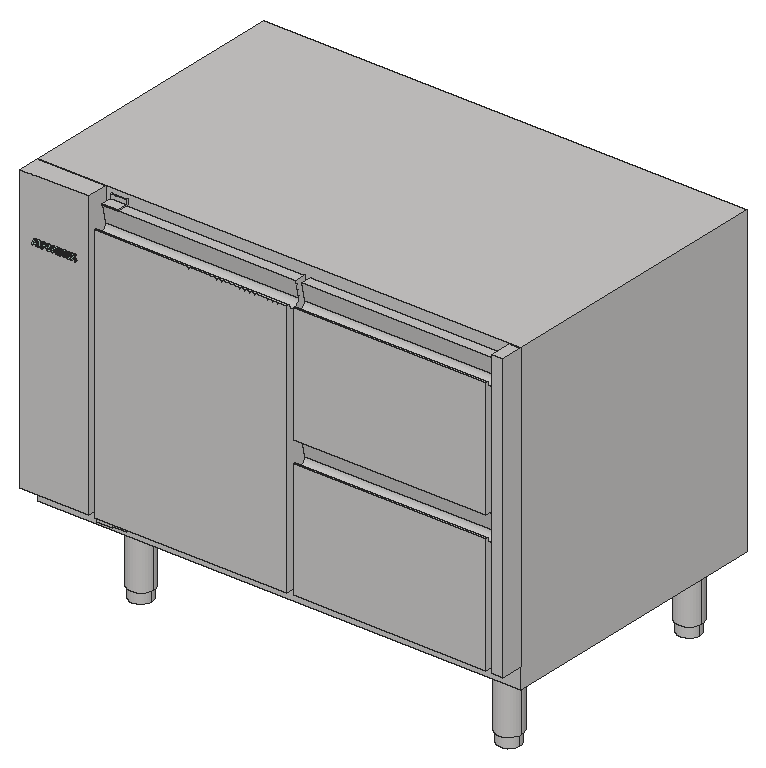
Revit family "QF_ALPENINOX_712113_AK2R8AB", category Specialty Equipment, Revit 2018
Family settings
  Round Connector Dimension = Use Diameter
  Part Type = Normal
  Work Plane-Based = No
  Always vertical = Yes
  Cut with Voids When Loaded = No
  Shared = No
  Room Calculation Point = No
Parameters
  Weight = 0.00 kg
  Watts = 2.78709 W
  Volts = 220 V
  URL Manufacturer = "http://www.alpeninox.com"
  URL = "http://www.alpeninox.com"
  Steam Supply Size = 0 mm
  Steam Supply Minimum Pressure = 0.0 Pa
  Steam Supply Maximum Pressure = 0.0 Pa
  Steam Pounds per Hour = 0
  Refrigeration Suction Line Size = 0 mm
  Refrigeration Liquid Line Size = 0 mm
  Refrigerant Compressor Remote = yes
  Manufacturer = "Alpeninox"
  Phase = 1
  Model = "AK2R8AB"
  Length Actual = 1103 mm  # constant formula
  Length = 1103 mm
  Item Number = "712113"
  Hot Water Size = 0 mm
  Height Actual = 850 mm  # constant formula
  Height = 700 mm
  HP = "0 HP"
  Gas Size = 0 mm
  Gas KW = 0
  Gas Input Pressure = 0 W
  Depth Actual = 700 mm  # constant formula
  Depth = 695 mm
  Description = "1 DOOR+2x½ DRAWER REF.TABLE -2C REM NO TOP"
  Cycle = 60 Hz
  Condensate Return Size = 0 mm
  Compressed Air Volume = 0.0 L/s
  Compressed Air Size = 0 mm
  Compressed Air Pressure = 0.0 Pa
  Cold Water Size = 0 mm
  Accessory = yes
Reference planes
  plane 1: z = 0
  plane 2 "Center (Left/Right)": x = -124.5
  plane 3 "Center (Front/Back)": y = 64.5
  plane 4 "FEET": z = 150
  plane 5 "TOP": z = 900
  plane 6 "PLAIN": z = 850
  plane 7 "EI_back": y = 359
  plane 8 "EI_left": x = -610
  plane 9 "BACK": y = 412
  plane 10 "FRONT": y = -283
  plane 11 "DOOR": y = -233
  plane 12 "LEFT": x = -676
  plane 13 "RIGHT": x = 427
  plane 14: x = -651
  plane 15: x = 402
  plane 16 "RO_left": x = -636
  plane 17 "RI_left": x = -584
  plane 18 "RO_back": y = 375.5
  plane 19 "RI_back": y = 375.5
  plane 20 "DRAINleft": x = -610
  plane 21 "DRAINback": y = 164
Forms (mm)
  Extrusion 1, solid, material "QF_Finishes_Stainless Steel"
    sketch origin (-1022.223, -1524, 150) x (-1, 0, 0) y (0, -1, 0)
      loop
        circle (-412.223, -1883) r 5
    from 0 to -40
  Extrusion 2, solid, material "QF_Finishes_Stainless Steel"
    sketch origin (-1022.223, -1524, 150) x (-1, 0, 0) y (0, -1, 0)
      loop
        line (-1424.223, -1291) -> (-1424.223, -1241) -> (-1449.223, -1241) -> (-1449.223, -1291) -> (-1424.223, -1291)
    from 48 to 700 <- "Height"
  Extrusion 3, solid, material "QF_Finishes_Stainless Steel"
    sketch origin (-1022.223, -1524, 150) x (-1, 0, 0) y (0, -1, 0)
      loop
        circle (-386.223, -1899.5) r 4.25
    from 0 to -20
  Extrusion 4, solid, material "QF_Finishes_Stainless Steel"
    sketch origin (-1022.223, -1524, 150) x (-1, 0, 0) y (0, -1, 0)
      loop
        circle (-438.223, -1899.5) r 4
    from 0 to -20
  Extrusion 5, solid, material "QF_Finishes_Stainless Steel"
    sketch origin (-1022.223, -1524, 150) x (-1, 0, 0) y (0, -1, 0)
      loop
        circle (-412.223, -1688) r 8.5
    from 0 to -40
  Extrusion 6, solid, material "QF_Finishes_Stainless Steel"
    sketch origin (-1022.223, -1524, 150) x (-1, 0, 0) y (0, -1, 0)
      loop
        line (-346.223, -1936) -> (-346.223, -1291) -> (-1449.223, -1291) -> (-1449.223, -1936) -> (-346.223, -1936)
    from 0 to 700 <- "Height"
Lines and regions (mm)
  symbolic lines, style "SpecialityEquipmentHiddenLines"
    curve 1: line (-676, 412, 150) -> (427, 412, 150)
    curve 2: line (-676, -283, 150) -> (-676, 412, 150)
    curve 3: line (427, -283, 150) -> (-676, -283, 150)
    curve 4: line (427, 412, 150) -> (427, -283, 150)
    curve 5: line (-676, -233, 150) -> (427, -233, 150)
    curve 6: line (402, -233, 150) -> (402, -283, 150)
Dimensions and locks
  plane 4 "FEET" to level = 150 mm
  plane 11 "DOOR" to plane 10 "FRONT" = 50 mm
  "Height": plane 6 "PLAIN" to plane 4 "FEET"
  plane 5 "TOP" to plane 6 "PLAIN" = 50 mm
  plane 12 "LEFT" to plane 14 = 25 mm
  plane 15 to plane 13 "RIGHT" = 25 mm
  plane 9 "BACK" to plane 18 "RO_back" = 36.5 mm
  plane 9 "BACK" to plane 7 "EI_back" = 53 mm
  plane 9 "BACK" to plane 19 "RI_back" = 36.5 mm
  plane 9 "BACK" to plane 21 "DRAINback" = 248 mm
  plane 12 "LEFT" to plane 20 "DRAINleft" = 66 mm
  plane 12 "LEFT" to plane 8 "EI_left" = 66 mm
  plane 12 "LEFT" to plane 17 "RI_left" = 92 mm
  plane 12 "LEFT" to plane 16 "RO_left" = 40 mm
  "Depth": plane 9 "BACK" to plane 10 "FRONT"
  equal spacing: plane 9 "BACK", plane 3 "Center (Front/Back)", plane 10 "FRONT"
  "Length": plane 12 "LEFT" to plane 13 "RIGHT"
  equal spacing: plane 12 "LEFT", plane 2 "Center (Left/Right)", plane 13 "RIGHT"
  aligned and locked: level to plane 1
Automatic sketch dimensions
  Extrusion 1 sketch curve to plane 7 "EI_back" = 0 mm
  Extrusion 1 sketch curve to plane 8 "EI_left" = 0 mm
  Extrusion 2 sketch curve to plane 11 "DOOR" = 0 mm
  Extrusion 2 sketch curve to plane 13 "RIGHT" = 0 mm
  Extrusion 2 sketch curve to plane 10 "FRONT" = 0 mm
  Extrusion 2 sketch curve to plane 15 = 0 mm
  Extrusion 3 sketch curve to plane 16 "RO_left" = 0 mm
  Extrusion 3 sketch curve to plane 18 "RO_back" = 0 mm
  Extrusion 4 sketch curve to plane 17 "RI_left" = 0 mm
  Extrusion 4 sketch curve to plane 19 "RI_back" = 0 mm
  Extrusion 5 sketch curve to plane 20 "DRAINleft" = 0 mm
  Extrusion 5 sketch curve to plane 21 "DRAINback" = 0 mm
  Extrusion 6 sketch curve to plane 9 "BACK" = 0 mm
  Extrusion 6 sketch curve to plane 13 "RIGHT" = 0 mm
  Extrusion 6 sketch curve to plane 11 "DOOR" = 0 mm
  Extrusion 6 sketch curve to plane 12 "LEFT" = 0 mm
  curve 1 to plane 13 "RIGHT" = 0 mm
  curve 6 to plane 15 = 0 mm
  curve 5 to plane 11 "DOOR" = 0 mm
  curve 5 to plane 12 "LEFT" = 0 mm
  curve 6 to plane 10 "FRONT" = 0 mm
  curve 1 to plane 9 "BACK" = 0 mm
  radius of Extrusion 1 sketch curve = 5 mm
  radius of Extrusion 3 sketch curve = 4.25 mm
  radius of Extrusion 4 sketch curve = 4 mm
  radius of Extrusion 5 sketch curve = 8.5 mm
Nested families
  nested 1: "Refrigerator" at (427, -283, 0), type "Refrigerator"
  nested 2: "FEET" at (-480, 331, 0), type "FEET"
  nested 3: "FEET" at (361, 331, 0), type "FEET"
  nested 4: "FEET" at (-480, -183, 0), type "FEET"
  nested 5: "FEET" at (361, -183, 0), type "FEET"
  nested 6: "APX_REM_TN_L" at (-519.08, -233, 598) x (1, 0, 0) z (0, -1, 0), type "APX_REM_TN_L"
    with Show Logo yes
  nested 7: "APX_SD_L" at (-286, -233, 512) x (1, 0, 0) z (0, -1, 0), type "APX_SD_L"
    with Show Clearance yes
  nested 8: "APX_HALF" at (168, -233, 512) x (1, 0, 0) z (0, -1, 0), type "APX_HALF"
    with Show Clearance yes
Connectors
  electrical at (-610, 359, 110), driven by "Volts"
    settings: on Extrusion 1, index 1, voltage 220 V, apparent load 0 VA, apparent load phase1 0 VA, apparent load phase2 0 VA, apparent load phase3 0 VA, power factor 1, load classification "Other", number of poles 1, system type 31, power factor state 1, is connector primary yes, connector utility no, sub classification motor no, connector description "Electrical Connection"
  piping at (-636, 375.5, 130), diameter 9.5
    settings: on Extrusion 3, index 3, connector inside diameter 609.6 mm, connector length 0 mm, flow factor 0, pipe flow 0.0 L/s, pressure drop 0.0 Pa, fitting loss kfactor 0, connector angle 0.00°, fixture units 0, engagement length 0 mm, angle of deflection 0.00°, flow configuration 1, flow direction 2, fitting loss method 0, system type 8, joint type 0, gender type 0, connector reference index -1, connector utility 0, adjustable connector no, is connector primary yes, connector description "Refrigerant Outlet"
  piping at (-584, 375.5, 130), diameter 8
    settings: on Extrusion 4, index 4, connector inside diameter 609.6 mm, connector length 0 mm, flow factor 0, pipe flow 0.0 L/s, pressure drop 0.0 Pa, fitting loss kfactor 0, connector angle 0.00°, fixture units 0, engagement length 0 mm, angle of deflection 0.00°, flow configuration 1, flow direction 1, fitting loss method 0, system type 7, joint type 0, gender type 0, connector reference index -1, connector utility 0, adjustable connector no, is connector primary no, connector description "Refrigerant Inlet"
  piping at (-610, 164, 110), diameter 17
    settings: on Extrusion 5, index 5, connector inside diameter 609.6 mm, connector length 0 mm, flow factor 0, pipe flow 0.0 L/s, pressure drop 0.0 Pa, fitting loss kfactor 0, connector angle 0.00°, fixture units 0, engagement length 0 mm, angle of deflection 0.00°, flow configuration 1, flow direction 2, fitting loss method 0, system type 16, joint type 0, gender type 0, connector reference index -1, connector utility 0, adjustable connector no, is connector primary no, connector description "Drain"
Definition of nested family "FEET"
  Parameters
    FEET = 150 mm
  Reference planes
    plane 1 "Center (Front/Back)": y = 0
    plane 2: z = 0
    plane 3 "Center (Left/Right)": x = 0
    plane 4: z = 150
  Forms (mm)
    Revolve 1, solid
      sketch origin (255.05, 0, 608.09) x (0, 0, 1) y (-1, 0, 0)
        loop
          line (-608.09, 255.05) -> (-608.09, 230.05) -> (-583.09, 230.05) -> (-583.09, 226.05) -> (-458.09, 226.05) -> (-458.09, 255.05) -> (-608.09, 255.05)
        axis (-608.09, 255.05) -> (-458.09, 255.05)
      angle from 0 to 360
  Dimensions and locks
    locked: Revolve 1 sketch curve to Revolve 1 sketch curve at 125
    "FEET": plane 4 to plane 2
    aligned and locked: level to plane 2
    aligned and locked: plane 4 to Revolve 1 sketch curve
    aligned and locked: Revolve 1 sketch curve to level
    aligned and locked: plane 3 "Center (Left/Right)" to Revolve 1 sketch curve
  Automatic sketch dimensions
    Revolve 1 sketch curve to plane 3 "Center (Left/Right)" = 0 mm
    Revolve 1 sketch curve to Revolve 1 sketch curve = 25 mm
    Revolve 1 sketch curve to Revolve 1 sketch curve = 29 mm
    plane 4 to Revolve 1 sketch curve = 50 mm
    Revolve 1 sketch curve to Revolve 1 sketch curve = 20 mm
Definition of nested family "APX_REM_TN_L"
  Parameters
    Show Logo [instance] = yes
    Default Elevation = 1219.2 mm
  Reference planes
    plane 1 "Centro (Fronte/Retro)": y = -74
    plane 2: z = 0
    plane 3 "Centro (Sinistra/Destra)": x = -78.92
  Forms (mm)
    Extrusion 1, solid
      sketch origin (0, 0, 0) x (1, 0, 0) y (0, 1, 0)
        loop
          line (-1219.2, 1219.2) -> (-1219.2, -1219.2) -> (1219.2, -1219.2) -> (1219.2, 1219.2) -> (-1219.2, 1219.2)
      from 0 to -304.8
    Extrusion 2, solid
      sketch origin (1.08, 0, 0) x (1, 0, 0) y (0, 1, 0)
        loop
          line (-158, 252) -> (-158, -400) -> (-2, -400) -> (-2, 252) -> (-158, 252)
      from 0 to 50
    Extrusion 3, solid
      sketch origin (44.22, -49.023, 0) x (1, 0, 0) y (0, 1, 0)
        loop
          line (-168.675, 170.349) -> (-172.411, 160.318)
          arc (-172.411, 160.318) -> (-171.624, 158.497) -> (-169.837, 159.36) r 1.374
          line (-169.837, 159.36) -> (-169.268, 161.111) -> (-164.1, 161.111) -> (-163.54, 159.379)
          arc (-163.54, 159.379) -> (-161.802, 158.542) -> (-161.049, 160.318) r 1.333
          line (-161.049, 160.318) -> (-164.694, 170.349)
          arc (-164.694, 170.349) -> (-166.685, 171.876) -> (-168.675, 170.349) r 2.06
        loop
          line (-166.681, 169.055) -> (-168.469, 163.655) -> (-164.935, 163.655) -> (-166.681, 169.055)
        loop
          arc (-159.705, 160.042) -> (-159.262, 158.973) -> (-158.194, 158.531) r 1.512
          line (-158.194, 158.531) -> (-153.608, 158.531)
          arc (-153.608, 158.531) -> (-152.337, 159.802) -> (-153.608, 161.074) r 1.272
          line (-153.608, 161.074) -> (-156.917, 161.074) -> (-156.917, 170.328)
          arc (-156.917, 170.328) -> (-158.311, 171.722) -> (-159.705, 170.328) r 1.394
          line (-159.705, 170.328) -> (-159.705, 160.042)
        loop
          line (-151.076, 170.218) -> (-151.076, 159.859)
          arc (-151.076, 159.859) -> (-149.683, 158.466) -> (-148.29, 159.859) r 1.393
          line (-148.29, 159.859) -> (-148.29, 162.882) -> (-146.225, 162.882)
          arc (-146.225, 162.882) -> (-142.999, 163.859) -> (-141.608, 166.928) r 4.082
          arc (-141.608, 166.928) -> (-142.993, 170.272) -> (-146.336, 171.657) r 4.728
          line (-146.336, 171.657) -> (-149.638, 171.657)
          arc (-149.638, 171.657) -> (-150.655, 171.235) -> (-151.076, 170.218) r 1.439
        loop
          line (-148.29, 165.313) -> (-146.388, 165.313)
          arc (-146.388, 165.313) -> (-144.433, 167.268) -> (-146.388, 169.222) r 1.955
          line (-146.388, 169.222) -> (-148.29, 169.222) -> (-148.29, 165.313)
        loop
          arc (-131.184, 166.332) -> (-132.004, 168.2) -> (-133.767, 169.228) r 3.3
          arc (-133.767, 169.228) -> (-136.353, 168.661) -> (-137.611, 166.332) r 3.176
          line (-137.611, 166.332) -> (-131.184, 166.332)
        loop
          line (-137.538, 163.743) -> (-130.544, 163.743)
          arc (-130.544, 163.743) -> (-129.292, 163.916) -> (-128.301, 164.701) r 2.4
          arc (-128.301, 164.701) -> (-128.155, 165.545) -> (-128.212, 166.399) r 3.635
          arc (-128.212, 166.399) -> (-130.364, 170.162) -> (-134.39, 171.769) r 6.579
          arc (-134.39, 171.769) -> (-138.918, 169.706) -> (-140.661, 165.044) r 6.501
          arc (-140.661, 165.044) -> (-139.276, 160.789) -> (-135.401, 158.549) r 6.252
          arc (-135.401, 158.549) -> (-132.922, 158.526) -> (-130.544, 159.232) r 8.361
          arc (-130.544, 159.232) -> (-129.466, 159.781) -> (-128.641, 160.666) r 3.486
          arc (-128.641, 160.666) -> (-128.419, 161.592) -> (-128.828, 162.451) r 1.425
          arc (-128.828, 162.451) -> (-129.368, 162.762) -> (-129.99, 162.762) r 1.203
          arc (-129.99, 162.762) -> (-130.406, 162.59) -> (-130.764, 162.316) r 1.724
          arc (-130.764, 162.316) -> (-131.666, 161.705) -> (-132.646, 161.229) r 7.6
          arc (-132.646, 161.229) -> (-135.676, 161.35) -> (-137.538, 163.743) r 3.6
        loop
          line (-126.669, 170.328) -> (-126.669, 159.859)
          arc (-126.669, 159.859) -> (-125.273, 158.463) -> (-123.878, 159.859) r 1.396
          line (-123.878, 159.859) -> (-123.878, 166.785) -> (-117.946, 159.029)
          arc (-117.946, 159.029) -> (-116.361, 158.51) -> (-115.379, 159.859) r 1.417
          line (-115.379, 159.859) -> (-115.379, 170.328)
          arc (-115.379, 170.328) -> (-116.774, 171.723) -> (-118.169, 170.328) r 1.395
          line (-118.169, 170.328) -> (-118.169, 163.311) -> (-124.101, 171.157)
          arc (-124.101, 171.157) -> (-125.687, 171.678) -> (-126.669, 170.328) r 1.418
        loop
          arc (-113.636, 159.859) -> (-112.241, 158.464) -> (-110.847, 159.859) r 1.394
          line (-110.847, 159.859) -> (-110.847, 170.328)
          arc (-110.847, 170.328) -> (-112.241, 171.723) -> (-113.636, 170.328) r 1.394
          line (-113.636, 170.328) -> (-113.636, 159.859)
        loop
          line (-109.102, 170.328) -> (-109.102, 159.859)
          arc (-109.102, 159.859) -> (-107.706, 158.463) -> (-106.31, 159.859) r 1.396
          line (-106.31, 159.859) -> (-106.31, 166.785) -> (-100.378, 159.029)
          arc (-100.378, 159.029) -> (-98.793, 158.51) -> (-97.812, 159.859) r 1.417
          line (-97.812, 159.859) -> (-97.812, 170.328)
          arc (-97.812, 170.328) -> (-99.207, 171.723) -> (-100.602, 170.328) r 1.395
          line (-100.602, 170.328) -> (-100.602, 163.311) -> (-106.533, 171.157)
          arc (-106.533, 171.157) -> (-108.119, 171.678) -> (-109.102, 170.328) r 1.418
        loop
          arc (-96.345, 165.093) -> (-95.619, 161.877) -> (-93.467, 159.379) r 6.806
          arc (-93.467, 159.379) -> (-91.792, 158.566) -> (-89.948, 158.31) r 5.956
          arc (-89.948, 158.31) -> (-88.104, 158.566) -> (-86.43, 159.379) r 5.956
          arc (-86.43, 159.379) -> (-84.277, 161.877) -> (-83.551, 165.093) r 6.806
          arc (-83.551, 165.093) -> (-84.277, 168.31) -> (-86.43, 170.808) r 6.806
          arc (-86.43, 170.808) -> (-88.104, 171.621) -> (-89.948, 171.877) r 5.956
          arc (-89.948, 171.877) -> (-91.792, 171.621) -> (-93.467, 170.808) r 5.956
          arc (-93.467, 170.808) -> (-95.619, 168.31) -> (-96.345, 165.093) r 6.806
        loop
          arc (-93.425, 165.093) -> (-93.138, 163.212) -> (-92.081, 161.629) r 4.387
          arc (-92.081, 161.629) -> (-91.087, 161.049) -> (-89.948, 160.881) r 3.035
          arc (-89.948, 160.881) -> (-88.809, 161.049) -> (-87.815, 161.629) r 3.035
          arc (-87.815, 161.629) -> (-86.759, 163.212) -> (-86.472, 165.093) r 4.387
          arc (-86.472, 165.093) -> (-86.759, 166.975) -> (-87.815, 168.558) r 4.387
          arc (-87.815, 168.558) -> (-88.809, 169.138) -> (-89.948, 169.306) r 3.035
          arc (-89.948, 169.306) -> (-91.087, 169.138) -> (-92.081, 168.558) r 3.035
          arc (-92.081, 168.558) -> (-93.138, 166.975) -> (-93.425, 165.093) r 4.387
        loop
          line (-82.843, 169.609) -> (-79.829, 165.552) -> (-83.513, 160.652)
          arc (-83.513, 160.652) -> (-83.216, 158.692) -> (-81.262, 159.029) r 1.388
          line (-81.262, 159.029) -> (-78.213, 163.232) -> (-75.164, 159.029)
          arc (-75.164, 159.029) -> (-73.211, 158.692) -> (-72.913, 160.652) r 1.388
          line (-72.913, 160.652) -> (-76.597, 165.552) -> (-73.584, 169.609)
          arc (-73.584, 169.609) -> (-73.952, 171.597) -> (-75.908, 171.084) r 1.38
          line (-75.908, 171.084) -> (-78.213, 167.841) -> (-80.519, 171.084)
          arc (-80.519, 171.084) -> (-82.474, 171.597) -> (-82.843, 169.609) r 1.38
      from 50 to 51.6
  Lines and regions (mm)
    Split face 1
      outline origin (1.08, 0, 50) x (1, 0, 0) y (0, 1, 0)
        loop
          line (-2, 188) -> (-158, 188)
    Split face 2
      outline origin (1.08, 0, 50) x (1, 0, 0) y (0, 1, 0)
        loop
          line (-158, 178) -> (-2, 178)
    Split face 3
      outline origin (1.08, 0, 50) x (1, 0, 0) y (0, 1, 0)
        loop
          line (-2, 104) -> (-158, 104)
    Split face 4
      outline origin (1.08, 0, 50) x (1, 0, 0) y (0, 1, 0)
        loop
          line (-2, 94) -> (-158, 94)
    Split face 5
      outline origin (1.08, 0, 50) x (1, 0, 0) y (0, 1, 0)
        loop
          line (-110, 163.931) -> (-110, 134.412) -> (-50, 134.412) -> (-50, 163.931) -> (-110, 163.931)
    Split face 6
      outline origin (1.08, 0, 50) x (1, 0, 0) y (0, 1, 0)
        loop
          line (-70, 160.931) -> (-70, 137.412) -> (-53, 137.412) -> (-53, 160.931) -> (-70, 160.931)
    symbolic lines
      curve 1: line (-2, -74, 50) -> (-2, -74, 0)
  Dimensions and locks
    equal spacing: Extrusion 2, plane 3 "Centro (Sinistra/Destra)", Extrusion 2
    equal spacing: Extrusion 2, plane 1 "Centro (Fronte/Retro)", Extrusion 2
    aligned and locked: plane 2 to Extrusion 1
    aligned and locked: level to Extrusion 1
  Automatic sketch dimensions
    curve 1 to level = 0 mm
    plane 3 "Centro (Sinistra/Destra)" to curve 1 = 76.92 mm
    curve 1 to curve 1 = 50 mm
    Extrusion 1 sketch curve to Extrusion 1 sketch curve = 2438.4 mm  (x2)
    Extrusion 2 sketch curve to plane 3 "Centro (Sinistra/Destra)" = 78 mm
    plane 3 "Centro (Sinistra/Destra)" to Extrusion 2 sketch curve = 78 mm
    plane 1 "Centro (Fronte/Retro)" to Extrusion 2 sketch curve = 326 mm
    Extrusion 2 sketch curve to plane 1 "Centro (Fronte/Retro)" = 326 mm
    Extrusion 3 sketch curve to plane 3 "Centro (Sinistra/Destra)" = 49.27 mm
    Extrusion 3 sketch curve to Extrusion 3 sketch curve = 1.266 mm
    Extrusion 3 sketch curve to Extrusion 3 sketch curve = 1.307 mm
    Extrusion 3 sketch curve to Extrusion 3 sketch curve = 0.57 mm
    Extrusion 3 sketch curve to Extrusion 3 sketch curve = 0.593 mm
    Extrusion 3 sketch curve to Extrusion 3 sketch curve = 0.799 mm
    Extrusion 3 sketch curve to Extrusion 3 sketch curve = 1.99 mm  (x2)
    Extrusion 3 sketch curve to Extrusion 3 sketch curve = 0.003 mm
    Extrusion 3 sketch curve to Extrusion 3 sketch curve = 3.534 mm
    Extrusion 3 sketch curve to Extrusion 3 sketch curve = 0.835 mm
    Extrusion 3 sketch curve to Extrusion 3 sketch curve = 0.56 mm
    Extrusion 3 sketch curve to Extrusion 3 sketch curve = 1.268 mm
    Extrusion 3 sketch curve to Extrusion 3 sketch curve = 1.223 mm
    Extrusion 3 sketch curve to Extrusion 3 sketch curve = 1.344 mm
    Extrusion 3 sketch curve to Extrusion 3 sketch curve = 1.394 mm  (x2)
    Extrusion 3 sketch curve to Extrusion 3 sketch curve = 1.512 mm
    Extrusion 3 sketch curve to Extrusion 3 sketch curve = 3.309 mm
    Extrusion 3 sketch curve to Extrusion 3 sketch curve = 5.841 mm
    Extrusion 3 sketch curve to Extrusion 3 sketch curve = 1.393 mm
    Extrusion 3 sketch curve to Extrusion 3 sketch curve = 1.439 mm
    Extrusion 3 sketch curve to Extrusion 3 sketch curve = 0 mm  (x19)
    Extrusion 3 sketch curve to Extrusion 3 sketch curve = 1.902 mm
    Extrusion 3 sketch curve to Extrusion 3 sketch curve = 0.052 mm
    Extrusion 3 sketch curve to Extrusion 3 sketch curve = 2.065 mm
    Extrusion 3 sketch curve to Extrusion 3 sketch curve = 0.647 mm
    Extrusion 3 sketch curve to Extrusion 3 sketch curve = 8.079 mm
    Extrusion 3 sketch curve to Extrusion 3 sketch curve = 0.073 mm
    Extrusion 3 sketch curve to Extrusion 3 sketch curve = 2.145 mm
    Extrusion 3 sketch curve to Extrusion 3 sketch curve = 2.931 mm
    Extrusion 3 sketch curve to Extrusion 3 sketch curve = 0.213 mm
    Extrusion 3 sketch curve to Extrusion 3 sketch curve = 0.026 mm
    Extrusion 3 sketch curve to Extrusion 3 sketch curve = 0.263 mm
    Extrusion 3 sketch curve to Extrusion 3 sketch curve = 0.516 mm
    Extrusion 3 sketch curve to Extrusion 3 sketch curve = 0.356 mm
    Extrusion 3 sketch curve to Extrusion 3 sketch curve = 0.387 mm
    Extrusion 3 sketch curve to Extrusion 3 sketch curve = 2.378 mm
    Extrusion 3 sketch curve to Extrusion 3 sketch curve = 2.466 mm
    Extrusion 3 sketch curve to Extrusion 3 sketch curve = 0.602 mm
    Extrusion 3 sketch curve to Extrusion 3 sketch curve = 1.02 mm
    Extrusion 3 sketch curve to Extrusion 3 sketch curve = 0.949 mm
    Extrusion 3 sketch curve to Extrusion 3 sketch curve = 1.728 mm
    Extrusion 3 sketch curve to Extrusion 3 sketch curve = 0.157 mm  (x2)
    Extrusion 3 sketch curve to Extrusion 3 sketch curve = 0.292 mm
    Extrusion 3 sketch curve to plane 3 "Centro (Sinistra/Destra)" = 3.529 mm
    Extrusion 3 sketch curve to Extrusion 3 sketch curve = 1.396 mm  (x2)
    Extrusion 3 sketch curve to Extrusion 3 sketch curve = 1.418 mm  (x2)
    Extrusion 3 sketch curve to plane 3 "Centro (Sinistra/Destra)" = 0.96 mm
    plane 3 "Centro (Sinistra/Destra)" to Extrusion 3 sketch curve = 4.971 mm
    Extrusion 3 sketch curve to Extrusion 3 sketch curve = 0.224 mm  (x2)
    Extrusion 3 sketch curve to Extrusion 3 sketch curve = 1.149 mm  (x2)
    Extrusion 3 sketch curve to Extrusion 3 sketch curve = 1.395 mm  (x2)
    Extrusion 3 sketch curve to Extrusion 3 sketch curve = 1.744 mm
    Extrusion 3 sketch curve to Extrusion 3 sketch curve = 1.745 mm
    Extrusion 3 sketch curve to Extrusion 3 sketch curve = 1.151 mm
    Extrusion 3 sketch curve to Extrusion 3 sketch curve = 5.709 mm
    Extrusion 3 sketch curve to Extrusion 3 sketch curve = 6.963 mm
    Extrusion 3 sketch curve to Extrusion 3 sketch curve = 0.493 mm  (x3)
    Extrusion 3 sketch curve to Extrusion 3 sketch curve = 0.273 mm  (x2)
    Extrusion 3 sketch curve to Extrusion 3 sketch curve = 0.021 mm  (x2)
    Extrusion 3 sketch curve to Extrusion 3 sketch curve = 0.226 mm  (x2)
    Extrusion 3 sketch curve to Extrusion 3 sketch curve = 0.268 mm  (x2)
    Extrusion 3 sketch curve to Extrusion 3 sketch curve = 0.294 mm
    Extrusion 3 sketch curve to Extrusion 3 sketch curve = 5.534 mm
    Extrusion 3 sketch curve to Extrusion 3 sketch curve = 6.205 mm
    Extrusion 3 sketch curve to Extrusion 3 sketch curve = 1.109 mm  (x2)
    Extrusion 3 sketch curve to Extrusion 3 sketch curve = 1.108 mm  (x2)
    Extrusion 3 sketch curve to Extrusion 3 sketch curve = 1.142 mm  (x2)
    Extrusion 3 sketch curve to Extrusion 3 sketch curve = 1.216 mm  (x2)
    Extrusion 3 sketch curve to Extrusion 3 sketch curve = 3.013 mm
    Extrusion 3 sketch curve to Extrusion 3 sketch curve = 1.616 mm  (x3)
    Extrusion 3 sketch curve to Extrusion 3 sketch curve = 2.305 mm
    Extrusion 3 sketch curve to Extrusion 3 sketch curve = 3.049 mm
    Extrusion 3 sketch curve to plane 1 "Centro (Fronte/Retro)" = 183.508 mm
    Extrusion 3 sketch curve to Extrusion 3 sketch curve = 0.498 mm
    Extrusion 3 sketch curve to Extrusion 3 sketch curve = 0.682 mm
    Extrusion 3 sketch curve to Extrusion 3 sketch curve = 0.664 mm
    Extrusion 3 sketch curve to Extrusion 3 sketch curve = 0.425 mm
    Extrusion 3 sketch curve to Extrusion 3 sketch curve = 0.41 mm
    Extrusion 3 sketch curve to Extrusion 3 sketch curve = 1.272 mm
    Extrusion 3 sketch curve to Extrusion 3 sketch curve = 0.789 mm  (x2)
    Extrusion 3 sketch curve to Extrusion 3 sketch curve = 0.056 mm
    Extrusion 3 sketch curve to Extrusion 3 sketch curve = 0.83 mm
    Extrusion 3 sketch curve to Extrusion 3 sketch curve = 1.238 mm
    Extrusion 3 sketch curve to Extrusion 3 sketch curve = 1.732 mm
    Extrusion 3 sketch curve to Extrusion 3 sketch curve = 0.346 mm
    Extrusion 3 sketch curve to Extrusion 3 sketch curve = 1.123 mm
    Extrusion 3 sketch curve to Extrusion 3 sketch curve = 3.023 mm
    Extrusion 3 sketch curve to Extrusion 3 sketch curve = 4.203 mm
    Extrusion 3 sketch curve to Extrusion 3 sketch curve = 3.452 mm  (x2)
    Extrusion 3 sketch curve to Extrusion 3 sketch curve = 2.544 mm
    Extrusion 3 sketch curve to Extrusion 3 sketch curve = 1.177 mm
    Extrusion 3 sketch curve to Extrusion 3 sketch curve = 3.261 mm
    Extrusion 3 sketch curve to Extrusion 3 sketch curve = 0.352 mm  (x2)
    Extrusion 3 sketch curve to Extrusion 3 sketch curve = 1.987 mm
    Extrusion 3 sketch curve to Extrusion 3 sketch curve = 0.171 mm
    Extrusion 3 sketch curve to Extrusion 3 sketch curve = 0.533 mm  (x3)
    Extrusion 3 sketch curve to Extrusion 3 sketch curve = 0.14 mm  (x4)
    Extrusion 3 sketch curve to Extrusion 3 sketch curve = 0.473 mm
    Extrusion 3 sketch curve to Extrusion 3 sketch curve = 0.31 mm  (x2)
    Extrusion 3 sketch curve to Extrusion 3 sketch curve = 0.075 mm
    Extrusion 3 sketch curve to Extrusion 3 sketch curve = 2.431 mm
    Extrusion 3 sketch curve to Extrusion 3 sketch curve = 2.32 mm  (x2)
    Extrusion 3 sketch curve to Extrusion 3 sketch curve = 1.992 mm
    Extrusion 3 sketch curve to Extrusion 3 sketch curve = 0.674 mm
    Extrusion 3 sketch curve to Extrusion 3 sketch curve = 0.732 mm
    Extrusion 3 sketch curve to Extrusion 3 sketch curve = 0.388 mm
    Extrusion 3 sketch curve to Extrusion 3 sketch curve = 0.121 mm
    Extrusion 3 sketch curve to Extrusion 3 sketch curve = 2.589 mm
    Extrusion 3 sketch curve to Extrusion 3 sketch curve = 0.662 mm
    Extrusion 3 sketch curve to Extrusion 3 sketch curve = 3.473 mm
    Extrusion 3 sketch curve to Extrusion 3 sketch curve = 0.681 mm
    Extrusion 3 sketch curve to Extrusion 3 sketch curve = 1.615 mm
    Extrusion 3 sketch curve to Extrusion 3 sketch curve = 0.34 mm
    Extrusion 3 sketch curve to Extrusion 3 sketch curve = 2.288 mm
    Extrusion 3 sketch curve to Extrusion 3 sketch curve = 0.942 mm
    Extrusion 3 sketch curve to Extrusion 3 sketch curve = 5.4 mm
    Extrusion 3 sketch curve to Extrusion 3 sketch curve = 1.768 mm  (x2)
    Extrusion 3 sketch curve to Extrusion 3 sketch curve = 0.761 mm
    Extrusion 3 sketch curve to Extrusion 3 sketch curve = 0.996 mm
    Extrusion 3 sketch curve to Extrusion 3 sketch curve = 3.543 mm  (x2)
    Extrusion 3 sketch curve to Extrusion 3 sketch curve = 7.017 mm
    Extrusion 3 sketch curve to Extrusion 3 sketch curve = 0.11 mm
    Extrusion 3 sketch curve to Extrusion 3 sketch curve = 0.823 mm  (x2)
    Extrusion 3 sketch curve to Extrusion 3 sketch curve = 0.947 mm
    Extrusion 3 sketch curve to Extrusion 3 sketch curve = 3.837 mm
    Extrusion 3 sketch curve to Extrusion 3 sketch curve = 0.623 mm
    Extrusion 3 sketch curve to Extrusion 3 sketch curve = 1.082 mm
    Extrusion 3 sketch curve to Extrusion 3 sketch curve = 0.801 mm
    Extrusion 3 sketch curve to Extrusion 3 sketch curve = 1 mm
    Extrusion 3 sketch curve to Extrusion 3 sketch curve = 0.089 mm
    Extrusion 3 sketch curve to Extrusion 3 sketch curve = 4.257 mm
    Extrusion 3 sketch curve to Extrusion 3 sketch curve = 4.345 mm  (x2)
    Extrusion 3 sketch curve to Extrusion 3 sketch curve = 2.576 mm
    Extrusion 3 sketch curve to Extrusion 3 sketch curve = 1.385 mm  (x4)
    Extrusion 3 sketch curve to Extrusion 3 sketch curve = 2.133 mm  (x4)
    Extrusion 3 sketch curve to Extrusion 3 sketch curve = 3.518 mm
    Extrusion 3 sketch curve to Extrusion 3 sketch curve = 5.603 mm
    Extrusion 3 sketch curve to Extrusion 3 sketch curve = 2.571 mm
    Split face 1 sketch curve to Extrusion 2 = 0 mm  (x2)
    Split face 1 sketch curve to Extrusion 2 = 64 mm
    Split face 2 sketch curve to Extrusion 2 = 0 mm
    Split face 2 sketch curve to Extrusion 2 = 74 mm
    Extrusion 2 to Split face 2 sketch curve = 0 mm
    Split face 3 sketch curve to Extrusion 2 = 0 mm  (x2)
    Split face 3 sketch curve to Extrusion 2 = 148 mm
    Split face 4 sketch curve to Extrusion 2 = 0 mm  (x2)
    Split face 4 sketch curve to Extrusion 2 = 158 mm
    Split face 5 sketch curve to Extrusion 2 = 48 mm  (x2)
    Split face 5 sketch curve to Extrusion 2 = 117.588 mm
    Split face 5 sketch curve to Split face 5 sketch curve = 29.518 mm
    Split face 6 sketch curve to Extrusion 2 = 68 mm
    Split face 6 sketch curve to Split face 6 sketch curve = 17 mm
    Split face 6 sketch curve to Extrusion 2 = 114.588 mm
    Split face 6 sketch curve to Split face 6 sketch curve = 23.518 mm
Definition of nested family "APX_SD_L"
  Parameters
    Show Clearance [instance] = yes
    Default Elevation = 1219.2 mm
  Reference planes
    plane 1 "Center (Front/Back)": y = 0
    plane 2: z = 0
    plane 3 "Center (Left/Right)": x = 0
    plane 4: x = -234
    plane 5: x = 234
  Forms (mm)
    Extrusion 1, solid
      sketch origin (0, 0, 0) x (1, 0, 0) y (0, 1, 0)
        loop
          line (-1219.2, 1219.2) -> (-1219.2, -1219.2) -> (1219.2, -1219.2) -> (1219.2, 1219.2) -> (-1219.2, 1219.2)
      from 0 to -304.8
    Extrusion 2, solid
      sketch origin (0, 0, -3) x (0, 1, 0) y (0, 0, 1)
        loop
          line (-314, 53) -> (-314, 3) -> (314, 3) -> (314, 29) -> (274.395, 20)
          arc (274.395, 20) -> (260.396, 33.803) -> (274, 47.994) r 14
          line (274, 47.994) -> (274, 53) -> (-314, 53)
      from -220 to 220
    Extrusion 3, solid
      sketch origin (0, 0, 0) x (0, 1, 0) y (0, 0, -1)
        loop
          line (-323.003, -40.312) -> (-323.003, -12.259) -> (-323.003, 0) -> (-351.511, 0) -> (-351.511, -2.5) -> (-325.503, -2.5) -> (-325.503, -42.812) -> (-316.501, -42.812) -> (-316.501, -40.312) -> (-323.003, -40.312)
        loop
          line (-314, -38.311) -> (-314, -11.804) -> (-319.752, -11.804) -> (-319.752, -14.304) -> (-316.501, -14.304) -> (-316.501, -38.311) -> (-314, -38.311)
        loop
          line (315.003, -27.948) -> (317.503, -27.948) -> (317.503, -2.5) -> (327.503, -2.5) -> (327.503, 0) -> (315.003, 0) -> (315.003, -2.948) -> (315.003, -27.948)
      from 185 to 220
    Extrusion 4, solid, visible <- "Show Clearance", detail levels coarse
      sketch origin (0, 0, -3) x (-1, 0, 0) y (0, 0, -1)
        loop
          line (220, -53) -> (-220, -53)
          arc (-220, -53) -> (-79.636, -340.04) -> (220, -451) r 430
          line (220, -451) -> (220, -53)
      from -314 to 314
  Lines and regions (mm)
    symbolic lines
      curve 1: arc (219.599, 0, 55) -> (95.934, 0, 321.503) -> (-170, 0, 446.39) r 430
      curve 2: line (-220, 0, 55) -> (-220, 0, 448)
      curve 3: line (-170, 0, 55) -> (-170, 0, 448)
      curve 4: line (-220, 0, 448) -> (-170, 0, 448)
  Dimensions and locks
    plane 4 to plane 3 "Center (Left/Right)" to plane 5 = 234 mm locked, 234 mm locked
    aligned and locked: plane 2 to Extrusion 1
    aligned and locked: level to Extrusion 1
Definition of nested family "APX_HALF"
  Parameters
    Show Clearance [instance] = yes
    Default Elevation = 1219.2 mm
  Reference planes
    plane 1 "Center (Front/Back)": y = 0
    plane 2: z = 0
    plane 3 "Center (Left/Right)": x = 0
    plane 4: x = -234
    plane 5: x = 234
    plane 6: z = 618
  Forms (mm)
    Extrusion 1, solid
      sketch origin (0, 0, 0) x (1, 0, 0) y (0, 1, 0)
        loop
          line (-1219.2, 1219.2) -> (-1219.2, -1219.2) -> (1219.2, -1219.2) -> (1219.2, 1219.2) -> (-1219.2, 1219.2)
      from 0 to -304.8
    Extrusion 2, solid
      sketch origin (0, 0, 0) x (0, 1, 0) y (0, 0, 1)
        loop
          line (314, 0) -> (314, 26) -> (274.395, 17)
          arc (274.395, 17) -> (260.395, 31) -> (274.395, 45) r 14
          line (274.395, 45) -> (274.395, 50) -> (5, 50) -> (5, 0) -> (314, 0)
        loop
          line (-5, 0) -> (-5, 26) -> (-44.605, 17)
          arc (-44.605, 17) -> (-58.605, 31) -> (-44.605, 45) r 14
          line (-44.605, 45) -> (-44.605, 50) -> (-314, 50) -> (-314, 0) -> (-5, 0)
      from -220 to 220
    Extrusion 3, solid, visible <- "Show Clearance", detail levels coarse
      sketch origin (0, 0, 512) x (0, 1, 0) y (0, 0, 1)
        loop
          line (-314, 106) -> (-314, -462) -> (-5, -462) -> (-5, 82) -> (-44.605, 73)
          arc (-44.605, 73) -> (-58.605, 87) -> (-44.605, 101) r 14
          line (-44.605, 101) -> (-44.605, 106) -> (-314, 106)
        loop
          line (314, -462) -> (314, 82) -> (274.395, 73)
          arc (274.395, 73) -> (260.395, 87) -> (274.395, 101) r 14
          line (274.395, 101) -> (274.395, 106) -> (5, 106) -> (5, -462) -> (314, -462)
      from -220 to 220
  Lines and regions (mm)
    symbolic lines
      curve 1: line (220, 0, 139.793) -> (-220, 0, 139.793)
      curve 2: line (220, 0, 174.793) -> (-220, 0, 174.793)
      curve 3: line (220, 0, 259.793) -> (-220, 0, 259.793)
      curve 4: line (220, 0, 294.793) -> (-220, 0, 294.793)
      curve 5: line (191.424, 0, 139.793) -> (191.424, 0, 54.793)
      curve 6: line (-190, 0, 139.793) -> (-190, 0, 54.793)
      curve 7: line (191.424, 0, 259.793) -> (191.424, 0, 174.793)
      curve 8: line (-190, 0, 259.793) -> (-190, 0, 174.793)
      curve 9: line (220, 0, 259.793) -> (220, 0, 294.793)
      curve 10: line (-220, 0, 259.793) -> (-220, 0, 294.793)
      curve 11: line (220, 0, 139.793) -> (220, 0, 174.793)
      curve 12: line (-220, 0, 139.793) -> (-220, 0, 174.793)
  Dimensions and locks
    plane 4 to plane 3 "Center (Left/Right)" to plane 5 = 234 mm locked, 234 mm locked
    plane 6 to level = 618 mm
    aligned and locked: plane 2 to Extrusion 1
    aligned and locked: level to Extrusion 1
Definition of nested family "Refrigerator"
  Reference planes
    plane 1 "Center (Front/Back)": y = 0
    plane 2: z = 0
    plane 3 "Center (Left/Right)": x = 0
  Lines and regions (mm)
    detail lines, in view "Ref. Level"
      curve 1: spline (-500, 190, 0) -> (-493.185, 166.706, 0) -> (-473.205, 145, 0) -> (-441.421, 126.36, 0) -> (-400, 112.058, 0) -> (-351.764, 103.067, 0) -> (-300, 100, 0) -> (-248.236, 103.067, 0) -> (-200, 112.058, 0) -> (-158.579, 126.36, 0) -> (-126.795, 145, 0) -> (-106.815, 166.706, 0) -> (-100, 190, 0) -> (-106.815, 213.294, 0) -> (-126.795, 235, 0) -> (-158.579, 253.64, 0) -> (-200, 267.942, 0) -> (-248.236, 276.933, 0) -> (-300, 280, 0) -> (-351.764, 276.933, 0) -> (-400, 267.942, 0) -> (-441.421, 253.64, 0) -> (-473.205, 235, 0) -> (-493.185, 213.294, 0) -> (-500, 190, 0)
      curve 2: line (-300, 130, 0) -> (-300, 250, 0)
      curve 3: line (-351.962, 220, 0) -> (-248.038, 160, 0)
      curve 4: line (-351.962, 160, 0) -> (-248.038, 220, 0)
      curve 5: line (-280.884, 246.873, 0) -> (-300, 225, 0)
      curve 6: line (-300, 225, 0) -> (-319.116, 246.873, 0)
      curve 7: line (-330.311, 207.5, 0) -> (-339.696, 234.992, 0)
      curve 8: line (-358.812, 201.882, 0) -> (-330.311, 207.5, 0)
      curve 9: line (-330.311, 172.5, 0) -> (-358.812, 178.118, 0)
      curve 10: line (-339.696, 145.008, 0) -> (-330.311, 172.5, 0)
      curve 11: line (-300, 155, 0) -> (-319.116, 133.127, 0)
      curve 12: line (-280.884, 133.127, 0) -> (-300, 155, 0)
      curve 13: line (-269.689, 172.5, 0) -> (-260.304, 145.008, 0)
      curve 14: line (-241.188, 178.118, 0) -> (-269.689, 172.5, 0)
      curve 15: line (-269.689, 207.5, 0) -> (-241.188, 201.882, 0)
      curve 16: line (-260.304, 234.992, 0) -> (-269.689, 207.5, 0)
